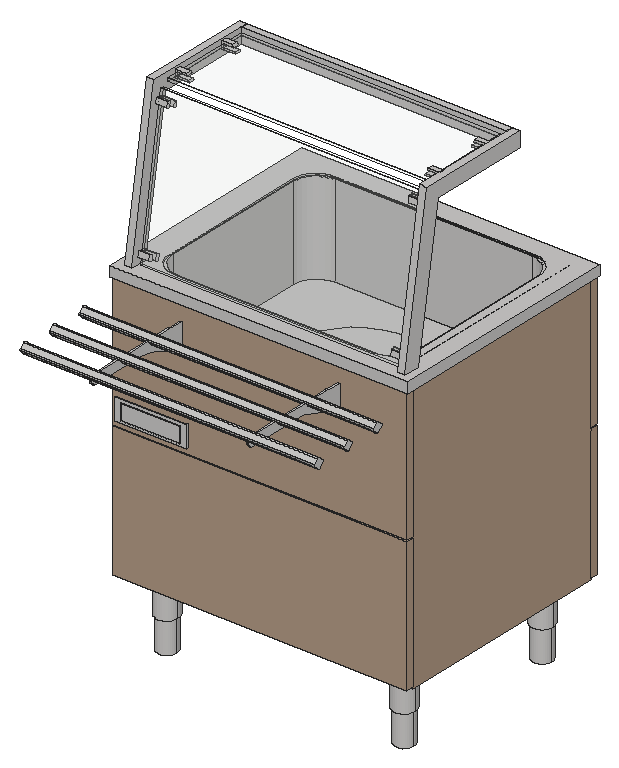
Revit family "QF_ELECTROLUXPROFESSIONAL_322081_F03H2AF01W", category Specialty Equipment, Revit 2018
Family settings
  Round Connector Dimension = Use Diameter
  Part Type = Normal
  Work Plane-Based = No
  Always vertical = Yes
  Cut with Voids When Loaded = No
  Shared = No
  Room Calculation Point = No
Parameters (values of type "Standard")
  Weight = 88.50 kg
  Watts = 0 W
  Volts = 220 V
  URL Manufacturer = "http://professional.electrolux.com"
  URL = "http://professional.electrolux.com"
  Steam Supply Size = 0 mm
  Steam Supply Minimum Pressure = 0.0 Pa
  Steam Supply Maximum Pressure = 0.0 Pa
  Steam Pounds per Hour = 0
  Show Clearance [instance] = yes
  Refrigeration Suction Line Size = 0 mm
  Refrigeration Liquid Line Size = 0 mm
  Refrigerant Compressor Remote = yes
  Manufacturer = "Electrolux Professional"
  Phase = 1
  Model = "F03H2AF01W"
  Length Actual = 770 mm  # constant formula
  Item Number = "322081"
  Hot Water Size = 0 mm
  Height Actual = 1304 mm  # constant formula
  HP = "0 HP"
  Gas Size = 0 mm
  Gas KW = 0
  Gas Input Pressure = 0 W
  Direct Waste Size = 19.05 mm
  Description = "BAIN-MARIE AIR,VENTILATED, 2GN H=900MM OVERSHELF W/LED LIGHTS"
  Depth Actual = 915 mm  # constant formula
  Cycle = 60 Hz
  Condensate Return Size = 0 mm
  Compressed Air Volume = 0.0 L/s
  Compressed Air Size = 0 mm
  Compressed Air Pressure = 0.0 Pa
  Cold Water Size = 0 mm
  Accessory = yes
Values of the unnamed type that differ from the named types
  Volts = 0 V
  URL Manufacturer = ""
  Item Number = ""
  Cycle = 0 Hz
Reference planes
  plane 1 "Centro (Fronte/Retro)": y = 74.737
  plane 2: z = 0
  plane 3 "BACK": y = 384.737
  plane 4 "FRONT": y = -235.263
  plane 5: z = 900
  plane 6 "RIGHT": x = -129.269
  plane 7 "LEFT": x = -899.269
  plane 8: x = -514.269
  plane 9: y = 664.737
  plane 10: y = -530.02
  plane 11: z = 178
  plane 12: z = 1304
  plane 13: z = 1222
  plane 14: y = 297.737
  plane 15: y = -148.263
  plane 16: x = -821.269
  plane 17: x = -207.269
  plane 18: x = -895.269
  plane 19: y = -231.263
  plane 20: x = -133.269
  plane 21: y = 380.737
  plane 22: z = 874
  plane 23: y = 362.737
  plane 24: y = -213.263
  plane 25: z = 182
  plane 26: z = 527
  plane 27: z = 531
  plane 28: x = -308.269
  plane 29: x = -720.269
  plane 30: x = -877.394
  plane 31: x = -151.144
  plane 32: x = -171.144
  plane 33: x = -857.394
  plane 34: x = -849.269
  plane 35: x = -179.269
  plane 36: y = 130.237
  plane 37: y = 19.237
  plane 38: y = 33.237
  plane 39: y = 116.237
  plane 40: x = -787.269
  plane 41: x = -234.269
Forms (mm)
  Extrusion 1, solid, material "QF_Finishes_Wood"
    sketch origin (0, 0, 0) x (1, 0, 0) y (0, 1, 0)
      loop
        line (-895.269, 362.737) -> (-895.269, -213.263) -> (-133.269, -213.263) -> (-133.269, 362.737) -> (-895.269, 362.737)
    from 178 to 874
  Extrusion 2, solid, material "QF_Finishes_Wood"
    sketch origin (-133.269, 362.737, 0) x (0, -1, 0) y (0, 0, -1)
      loop
        line (576, -182) -> (576, -527) -> (594, -527) -> (594, -182) -> (576, -182)
      loop
        line (576, -531) -> (576, -874) -> (594, -874) -> (594, -531) -> (576, -531)
    from 0 to -762
  Extrusion 3, solid, material "QF_Finishes_Wood"
    sketch origin (-133.269, -213.263, 0) x (0, 1, 0) y (0, 0, 1)
      loop
        line (576, 531) -> (594, 531) -> (594, 874) -> (576, 874) -> (576, 531)
    from 0 to -762
  Extrusion 4, solid, material "QF_Finishes_Stainless Steel"
    sketch origin (0, 0, 0) x (1, 0, 0) y (0, 1, 0)
      loop
        line (-899.269, 384.737) -> (-899.269, -235.263) -> (-129.269, -235.263) -> (-129.269, 384.737) -> (-899.269, 384.737)
    from 874 to 900
  Extrusion 5, solid, material "QF_Finishes_Stainless Steel"
    sketch origin (-313.269, 362.737, 0) x (0, -1, 0) y (0, 0, -1)
      loop
        arc (628.84, -832.7) -> (632.082, -833.911) -> (635.519, -834.32) r 14.5
        line (635.519, -834.32) -> (675.715, -834.32) -> (689.858, -820.177) -> (704, -834.32) -> (770.715, -834.32) -> (784.858, -820.177) -> (799, -834.32) -> (865.716, -834.32) -> (879.858, -820.177) -> (887.686, -828.005) -> (887.686, -821.352)
        arc (887.686, -821.352) -> (887.303, -819.435) -> (886.214, -817.81) r 4.999
        line (886.214, -817.81) -> (881.179, -812.776)
        arc (881.179, -812.776) -> (879.559, -811.698) -> (877.651, -811.32) r 5
        line (877.651, -811.32) -> (732.206, -811.32)
        arc (732.206, -811.32) -> (708.662, -809.221) -> (685.86, -802.991) r 133.106
        line (685.86, -802.991) -> (638.285, -785.32) -> (597.679, -770.12) -> (594, -770.12) -> (594, -832.7) -> (628.84, -832.7)
    from 0 to 5
  Extrusion 6, void
    sketch origin (0, 0, 0) x (1, 0, 0) y (0, 1, 0)
      loop
        line (-834.269, 273.737) -> (-834.269, -124.263)
        arc (-834.269, -124.263) -> (-816.402, -167.396) -> (-773.269, -185.263) r 61
        line (-773.269, -185.263) -> (-255.269, -185.263)
        arc (-255.269, -185.263) -> (-212.135, -167.396) -> (-194.269, -124.263) r 61
        line (-194.269, -124.263) -> (-194.269, 273.737)
        arc (-194.269, 273.737) -> (-212.135, 316.871) -> (-255.269, 334.737) r 61
        line (-255.269, 334.737) -> (-773.269, 334.737)
        arc (-773.269, 334.737) -> (-816.402, 316.871) -> (-834.269, 273.737) r 61
    from 608.426 to 900
  Extrusion 7, solid, material "QF_Finishes_Wood"
    sketch origin (419.731, -213.263, -348) x (0, 1, 0) y (0, 0, 1)
      loop
        line (576, 530) -> (594, 530) -> (594, 875) -> (576, 875) -> (576, 530)
    from -553 to -658.044
  Extrusion 8, solid, material "QF_Finishes_Wood"
    sketch origin (-234.269, -213.263, -348) x (0, 1, 0) y (0, 0, 1)
      loop
        line (576, 530) -> (594, 530) -> (594, 875) -> (576, 875) -> (576, 530)
    from -548.963 to -661
  Extrusion 9, solid, material "QF_Door-Drawer Clearances", visible <- "Show Clearance"
    sketch origin (0, -4, 0) x (1, 0, 0) y (0, 1, 0)
      loop
        line (-783.232, 384.737) -> (-238.312, 384.737) -> (-710.987, 657.636)
        arc (-710.987, 657.636) -> (-765.12, 525.955) -> (-783.232, 384.737) r 544.001
    from 182 to 527
  Extrusion 10, solid, material "QF_Finishes_Stainless Steel"
    sketch origin (-720.269, 362.737, 0) x (0, -1, 0) y (0, 0, -1)
      loop
        arc (628.84, -832.7) -> (632.082, -833.911) -> (635.519, -834.32) r 14.5
        line (635.519, -834.32) -> (675.715, -834.32) -> (689.858, -820.177) -> (704, -834.32) -> (770.715, -834.32) -> (784.858, -820.177) -> (799, -834.32) -> (865.716, -834.32) -> (879.858, -820.177) -> (887.686, -828.005) -> (887.686, -821.352)
        arc (887.686, -821.352) -> (887.303, -819.435) -> (886.214, -817.81) r 4.999
        line (886.214, -817.81) -> (881.179, -812.776)
        arc (881.179, -812.776) -> (879.559, -811.698) -> (877.651, -811.32) r 5
        line (877.651, -811.32) -> (732.206, -811.32)
        arc (732.206, -811.32) -> (708.662, -809.221) -> (685.86, -802.991) r 133.106
        line (685.86, -802.991) -> (638.285, -785.32) -> (597.679, -770.12) -> (594, -770.12) -> (594, -832.7) -> (628.84, -832.7)
    from 0 to 5
  Extrusion 11, solid, material "QF_Finishes_Stainless Steel"
    sketch origin (-133.269, 362.737, 0) x (0, -1, 0) y (0, 0, -1)
      loop
        line (881.983, -846.337) -> (891.875, -836.445)
        arc (891.875, -836.445) -> (892.757, -834.322) -> (891.879, -832.198) r 3
        line (891.879, -832.198) -> (881.979, -822.299)
        arc (881.979, -822.299) -> (879.858, -821.42) -> (877.737, -822.299) r 3
        line (877.737, -822.299) -> (867.837, -832.198)
        arc (867.837, -832.198) -> (866.958, -834.32) -> (867.837, -836.441) r 3
        line (867.837, -836.441) -> (877.737, -846.34)
        arc (877.737, -846.34) -> (879.86, -847.219) -> (881.983, -846.337) r 3
      loop
        line (786.979, -846.34) -> (796.879, -836.441)
        arc (796.879, -836.441) -> (797.757, -834.32) -> (796.879, -832.198) r 3
        line (796.879, -832.198) -> (786.979, -822.299)
        arc (786.979, -822.299) -> (784.858, -821.42) -> (782.737, -822.299) r 3
        line (782.737, -822.299) -> (772.837, -832.198)
        arc (772.837, -832.198) -> (771.958, -834.317) -> (772.833, -836.437) r 3
        line (772.833, -836.437) -> (782.741, -846.345)
        arc (782.741, -846.345) -> (784.861, -847.219) -> (786.979, -846.34) r 3
      loop
        line (691.976, -846.343) -> (701.882, -836.438)
        arc (701.882, -836.438) -> (702.757, -834.318) -> (701.879, -832.198) r 3
        line (701.879, -832.198) -> (691.979, -822.299)
        arc (691.979, -822.299) -> (689.858, -821.42) -> (687.737, -822.299) r 3
        line (687.737, -822.299) -> (677.837, -832.198)
        arc (677.837, -832.198) -> (676.958, -834.32) -> (677.837, -836.441) r 3
        line (677.837, -836.441) -> (687.737, -846.34)
        arc (687.737, -846.34) -> (689.856, -847.219) -> (691.976, -846.343) r 3
    from 0 to -762
  Extrusion 12, solid, material "QF_Finishes_Stainless Steel"
    sketch origin (-133.269, 362.737, 0) x (0, -1, 0) y (0, 0, -1)
      loop
        line (206.477, -1264.379) -> (206.477, -1304) -> (507.108, -1304) -> (578.344, -900) -> (537.727, -900) -> (473.477, -1264.379) -> (206.477, -1264.379)
    from -17.875 to -37.875
  Extrusion 13, solid, material "QF_Finishes_Stainless Steel"
    sketch origin (-895.269, 362.737, 0) x (0, -1, 0) y (0, 0, 1)
      loop
        line (206.477, 1264.379) -> (473.477, 1264.379) -> (537.727, 900) -> (578.344, 900) -> (507.108, 1304) -> (206.477, 1304) -> (206.477, 1264.379)
    from -17.875 to -37.875
  Extrusion 14, solid, material "QF_Finishes_Glass"
    sketch origin (-133.269, -231.263, 531) x (0, 0, 1) y (-1, 0, 0)
      loop
        line (757.879, 46) -> (765.879, 46) -> (765.879, 716) -> (757.879, 716) -> (757.879, 46)
    from -361.5 to -120.204
  Extrusion 15, solid, material "QF_Finishes_Stainless Steel"
    sketch origin (0, 0, 0) x (1, 0, 0) y (0, 1, 0)
      loop
        line (-857.394, 156.26) -> (-857.394, 136.26) -> (-171.144, 136.26) -> (-171.144, 156.26) -> (-857.394, 156.26)
    from 1264.379 to 1304
  Extrusion 16, solid, material "QF_Finishes_Glass"
    sketch origin (-133.269, 362.737, 0) x (0, -1, 0) y (0, 0, -1)
      loop
        line (494.569, -1282.974) -> (562.097, -900) -> (553.974, -900) -> (486.445, -1282.974) -> (494.569, -1282.974)
    from -46 to -716
  Extrusion 17, solid, material "QF_Finishes_Stainless Steel"
    sketch origin (-133.269, -64.263, 531) x (0, 0, 1) y (-1, 0, 0)
      loop
        line (765.879, 691.5) -> (770.879, 693.5) -> (770.879, 724.125) -> (750.879, 724.125) -> (750.879, 716) -> (751.974, 716) -> (751.974, 685.938) -> (755.879, 687.5) -> (755.879, 717) -> (765.879, 717) -> (765.879, 691.5)
    from 0 to 14
  Extrusion 18, solid, material "QF_Finishes_Stainless Steel"
    sketch origin (-133.269, 85.737, 531) x (0, 0, 1) y (-1, 0, 0)
      loop
        line (765.879, 691.5) -> (770.879, 693.5) -> (770.879, 724.125) -> (750.879, 724.125) -> (750.879, 716) -> (751.974, 716) -> (751.974, 685.938) -> (755.879, 687.5) -> (755.879, 717) -> (765.879, 717) -> (765.879, 691.5)
    from 0 to 14
  Extrusion 19, solid, material "QF_Finishes_Stainless Steel"
    sketch origin (-895.269, -64.263, 531) x (0, 0, 1) y (-1, 0, 0)
      loop
        line (765.879, -691.5) -> (765.879, -717) -> (755.879, -717) -> (755.879, -687.5) -> (751.974, -685.938) -> (751.974, -716) -> (750.879, -716) -> (750.879, -724.125) -> (770.879, -724.125) -> (770.879, -693.5) -> (765.879, -691.5)
    from 0 to 14
  Extrusion 20, solid, material "QF_Finishes_Stainless Steel"
    sketch origin (-895.269, 85.737, 531) x (0, 0, 1) y (-1, 0, 0)
      loop
        line (765.879, -691.5) -> (765.879, -717) -> (755.879, -717) -> (755.879, -687.5) -> (751.974, -685.938) -> (751.974, -716) -> (750.879, -716) -> (750.879, -724.125) -> (770.879, -724.125) -> (770.879, -693.5) -> (765.879, -691.5)
    from 0 to 14
  Extrusion 21, solid, material "QF_Finishes_Stainless Steel"
    sketch origin (-895.269, 619.458, 1129.907) x (0, -0.984808, 0.173648) y (-1, 0, 0)
      loop
        line (765.879, -691.5) -> (765.879, -717) -> (755.879, -717) -> (755.879, -687.5) -> (751.974, -685.938) -> (751.974, -716) -> (750.879, -716) -> (750.879, -724.125) -> (770.879, -724.125) -> (770.879, -693.5) -> (765.879, -691.5)
    from 0 to 14
  Extrusion 22, solid, material "QF_Finishes_Stainless Steel"
    sketch origin (-133.269, 619.458, 1129.907) x (0, -0.984808, 0.173648) y (-1, 0, 0)
      loop
        line (765.879, 691.5) -> (770.879, 693.5) -> (770.879, 724.125) -> (750.879, 724.125) -> (750.879, 716) -> (751.974, 716) -> (751.974, 685.938) -> (755.879, 687.5) -> (755.879, 717) -> (765.879, 717) -> (765.879, 691.5)
    from 0 to 14
  Extrusion 23, solid, material "QF_Finishes_Stainless Steel"
    sketch origin (-895.269, 562.154, 799.389) x (0, -0.984808, 0.173648) y (-1, 0, 0)
      loop
        line (765.879, -691.5) -> (765.879, -717) -> (755.879, -717) -> (755.879, -687.5) -> (751.974, -685.938) -> (751.974, -716) -> (750.879, -716) -> (750.879, -724.125) -> (770.879, -724.125) -> (770.879, -693.5) -> (765.879, -691.5)
    from 0 to 14
  Extrusion 24, solid, material "QF_Finishes_Stainless Steel"
    sketch origin (-133.269, 562.154, 799.389) x (0, -0.984808, 0.173648) y (-1, 0, 0)
      loop
        line (765.879, 691.5) -> (770.879, 693.5) -> (770.879, 724.125) -> (750.879, 724.125) -> (750.879, 716) -> (751.974, 716) -> (751.974, 685.938) -> (755.879, 687.5) -> (755.879, 717) -> (765.879, 717) -> (765.879, 691.5)
    from 0 to 14
  Extrusion 25, solid, material "QF_Finishes_Wood"
    sketch origin (314.688, -213.263, -348) x (0, 1, 0) y (0, 0, 1)
      loop
        line (576, 530) -> (594, 530) -> (594, 875) -> (576, 875) -> (576, 530)
    from -553 to -1097.92
  Extrusion 26, solid, material "QF_Finishes_Stainless Steel"
    sketch origin (-1028.537, 3.4, 0) x (-1, 0, 0) y (0, -1, 0)
      loop
        circle (-196.269, -121.337) r 10
    from 178 to 166
  Extrusion 27, solid, material "QF_Finishes_Stainless Steel"
    sketch origin (-1028.537, 146.074, 0) x (-1, 0, 0) y (0, -1, 0)
      loop
        circle (-196.269, 121.337) r 10
    from 178 to 166
Cuts and joins
  Extrusion 6 cuts Extrusion 1
  Extrusion 6 cuts Extrusion 4
Lines and regions (mm)
  symbolic lines
    curve 1: line (-129.269, 384.737, 0) -> (-129.269, -235.263, 0)
    curve 2: line (-899.269, -235.263, 0) -> (-899.269, 384.737, 0)
    curve 3: line (-899.269, 384.737, 0) -> (-129.269, 384.737, 0)
    curve 4: line (-899.269, -235.263, 0) -> (-129.269, -235.263, 0)
    curve 5: line (-179.269, -64.263, 0) -> (-179.269, 71.737, 0)
    curve 6: line (-849.269, 71.737, 0) -> (-849.269, -64.263, 0)
    curve 7: line (-877.394, 156.26, 0) -> (-151.144, 156.26, 0)
    curve 8: line (-151.144, 156.26, 0) -> (-151.144, -215.607, 0)
    curve 9: line (-151.144, -215.607, 0) -> (-171.144, -215.607, 0)
    curve 10: line (-171.144, -215.607, 0) -> (-171.144, 156.26, 0)
    curve 11: line (-171.144, 136.26, 0) -> (-857.394, 136.26, 0)
    curve 12: line (-857.394, 156.26, 0) -> (-857.394, -215.607, 0)
    curve 13: line (-857.394, -215.607, 0) -> (-877.394, -215.607, 0)
    curve 14: line (-877.394, -215.607, 0) -> (-877.394, 156.26, 0)
    curve 15: line (-877.394, -144.371, 0) -> (-857.394, -144.371, 0)
    curve 16: line (-171.144, -144.371, 0) -> (-151.144, -144.371, 0)
    curve 17: line (-849.269, 130.237, 0) -> (-849.269, 85.737, 0)
    curve 18: line (-849.269, 130.237, 0) -> (-179.269, 130.237, 0)
    curve 19: line (-179.269, 130.237, 0) -> (-179.269, 85.737, 0)
    curve 20: line (-179.269, -78.263, 0) -> (-179.269, -111.059, 0)
    curve 21: line (-171.144, 85.737, 0) -> (-203.769, 85.737, 0)
    curve 22: line (-203.769, 85.737, 0) -> (-203.769, 71.737, 0)
    curve 23: line (-203.769, 71.737, 0) -> (-171.144, 71.737, 0)
    curve 24: line (-171.144, -64.263, 0) -> (-203.769, -64.263, 0)
    curve 25: line (-203.769, -64.263, 0) -> (-203.769, -78.263, 0)
    curve 26: line (-203.769, -78.263, 0) -> (-171.144, -78.263, 0)
    curve 27: line (-857.394, -64.263, 0) -> (-824.769, -64.263, 0)
    curve 28: line (-824.769, -64.263, 0) -> (-824.769, -78.263, 0)
    curve 29: line (-824.769, -78.263, 0) -> (-857.394, -78.263, 0)
    curve 30: line (-857.394, 85.737, 0) -> (-824.769, 85.737, 0)
    curve 31: line (-824.769, 85.737, 0) -> (-824.769, 71.737, 0)
    curve 32: line (-824.769, 71.737, 0) -> (-857.394, 71.737, 0)
    curve 33: line (-857.394, -142.14, 0) -> (-826.769, -142.14, 0)
    curve 34: line (-826.769, -142.14, 0) -> (-826.769, -139.709, 0)
    curve 35: line (-826.769, -139.709, 0) -> (-857.394, -139.709, 0)
    curve 36: line (-826.769, -142.14, 0) -> (-824.769, -137.216, 0)
    curve 37: line (-850.269, -134.785, 0) -> (-824.769, -134.785, 0)
    curve 38: line (-850.269, -134.785, 0) -> (-850.269, -124.937, 0)
    curve 39: line (-850.269, -124.937, 0) -> (-849.269, -124.937, 0)
    curve 40: line (-850.269, -127.368, 0) -> (-849.269, -127.368, 0)
    curve 41: line (-857.394, -120.013, 0) -> (-849.269, -120.013, 0)
    curve 42: line (-849.269, -120.013, 0) -> (-849.269, -121.091, 0)
    curve 43: line (-849.269, -121.091, 0) -> (-819.207, -121.091, 0)
    curve 44: line (-819.207, -121.091, 0) -> (-819.207, -123.708, 0)
    curve 45: line (-819.207, -121.091, 0) -> (-820.269, -123.708, 0)
    curve 46: line (-826.769, -139.709, 0) -> (-824.769, -134.785, 0)
    curve 47: line (-824.769, -134.785, 0) -> (-824.769, -137.216, 0)
    curve 48: line (-849.269, -123.708, 0) -> (-849.269, -134.785, 0)
    curve 49: line (-179.269, -131.831, 0) -> (-179.269, -123.708, 0)
    curve 50: line (-179.269, -123.708, 0) -> (-849.269, -123.708, 0)
    curve 51: line (-171.144, -142.14, 0) -> (-201.769, -142.14, 0)
    curve 52: line (-201.769, -142.14, 0) -> (-201.769, -139.709, 0)
    curve 53: line (-201.769, -139.709, 0) -> (-171.144, -139.709, 0)
    curve 54: line (-201.769, -142.14, 0) -> (-203.769, -137.216, 0)
    curve 55: line (-178.269, -134.785, 0) -> (-203.769, -134.785, 0)
    curve 56: line (-178.269, -134.785, 0) -> (-178.269, -124.937, 0)
    curve 57: line (-178.269, -124.937, 0) -> (-179.269, -124.937, 0)
    curve 58: line (-178.269, -127.368, 0) -> (-179.269, -127.368, 0)
    curve 59: line (-171.144, -120.013, 0) -> (-179.269, -120.013, 0)
    curve 60: line (-179.269, -120.013, 0) -> (-179.269, -121.091, 0)
    curve 61: line (-179.269, -121.091, 0) -> (-209.331, -121.091, 0)
    curve 62: line (-209.331, -121.091, 0) -> (-209.331, -123.708, 0)
    curve 63: line (-209.331, -121.091, 0) -> (-208.268, -123.708, 0)
    curve 64: line (-201.769, -139.709, 0) -> (-203.769, -134.785, 0)
    curve 65: line (-203.769, -134.785, 0) -> (-203.769, -137.216, 0)
    curve 66: line (-179.269, -123.708, 0) -> (-179.269, -134.785, 0)
    curve 67: line (-849.269, -142.14, 0) -> (-849.269, -192.089, 0)
    curve 68: line (-849.269, -177.317, 0) -> (-857.394, -177.317, 0)
    curve 69: line (-849.269, -182.241, 0) -> (-850.269, -182.241, 0)
    curve 70: line (-850.269, -184.672, 0) -> (-849.269, -184.672, 0)
    curve 71: line (-850.269, -182.241, 0) -> (-850.269, -192.089, 0)
    curve 72: line (-850.269, -192.089, 0) -> (-824.779, -192.089, 0)
    curve 73: line (-826.769, -197.013, 0) -> (-824.779, -192.089, 0)
    curve 74: line (-824.779, -192.089, 0) -> (-824.779, -194.52, 0)
    curve 75: line (-826.769, -199.444, 0) -> (-824.779, -194.52, 0)
    curve 76: line (-826.769, -197.013, 0) -> (-826.769, -199.444, 0)
    curve 77: line (-857.394, -199.444, 0) -> (-826.769, -199.444, 0)
    curve 78: line (-826.769, -197.013, 0) -> (-857.394, -197.013, 0)
    curve 79: line (-179.269, -177.317, 0) -> (-171.144, -177.317, 0)
    curve 80: line (-179.269, -182.241, 0) -> (-178.269, -182.241, 0)
    curve 81: line (-178.269, -184.672, 0) -> (-179.269, -184.672, 0)
    curve 82: line (-178.269, -182.241, 0) -> (-178.269, -192.089, 0)
    curve 83: line (-178.269, -192.089, 0) -> (-203.758, -192.089, 0)
    curve 84: line (-201.769, -197.013, 0) -> (-203.758, -192.089, 0)
    curve 85: line (-203.758, -192.089, 0) -> (-203.758, -194.52, 0)
    curve 86: line (-201.769, -199.444, 0) -> (-203.758, -194.52, 0)
    curve 87: line (-201.769, -197.013, 0) -> (-201.769, -199.444, 0)
    curve 88: line (-171.144, -199.444, 0) -> (-201.769, -199.444, 0)
    curve 89: line (-201.769, -197.013, 0) -> (-171.144, -197.013, 0)
    curve 90: line (-826.735, -199.36, 0) -> (-201.803, -199.36, 0)
    curve 91: line (-849.269, -78.263, 0) -> (-849.269, -111.059, 0)
    curve 92: line (-849.269, -111.059, 0) -> (-179.269, -111.059, 0)
    curve 93: line (-849.269, -131.831, 0) -> (-179.269, -131.831, 0)
    curve 94: line (-179.269, -142.14, 0) -> (-179.269, -192.089, 0)
    curve 98: arc (-517.269, 74.737, 900) -> (-514.269, 71.737, 900) -> (-511.269, 74.737, 900) r 3
    curve 99: arc (-511.269, 74.737, 900) -> (-514.269, 77.737, 900) -> (-517.269, 74.737, 900) r 3
    curve 100: arc (-517.269, 54.737, 900) -> (-514.269, 51.737, 900) -> (-511.269, 54.737, 900) r 3
    curve 101: arc (-511.269, 54.737, 900) -> (-514.269, 57.737, 900) -> (-517.269, 54.737, 900) r 3
    curve 102: arc (-517.269, 34.737, 900) -> (-514.269, 31.737, 900) -> (-511.269, 34.737, 900) r 3
    curve 103: arc (-511.269, 34.737, 900) -> (-514.269, 37.737, 900) -> (-517.269, 34.737, 900) r 3
    curve 104: arc (-517.269, 14.737, 900) -> (-514.269, 11.737, 900) -> (-511.269, 14.737, 900) r 3
    curve 105: arc (-511.269, 14.737, 900) -> (-514.269, 17.737, 900) -> (-517.269, 14.737, 900) r 3
    curve 106: arc (-503.14, 15.416, 900) -> (-500.14, 12.416, 900) -> (-497.14, 15.416, 900) r 3
    curve 107: arc (-497.14, 15.416, 900) -> (-500.14, 18.416, 900) -> (-503.14, 15.416, 900) r 3
    curve 108: arc (-506.848, 34.792, 900) -> (-503.848, 31.792, 900) -> (-500.848, 34.792, 900) r 3
    curve 109: arc (-500.848, 34.792, 900) -> (-503.848, 37.792, 900) -> (-506.848, 34.792, 900) r 3
    curve 110: arc (-503.615, 56.259, 900) -> (-506.615, 59.259, 900) -> (-509.615, 56.259, 900) r 3
    curve 111: arc (-509.615, 56.259, 900) -> (-506.615, 53.259, 900) -> (-503.615, 56.259, 900) r 3
    curve 112: arc (-497.127, 60.595, 900) -> (-500.127, 63.595, 900) -> (-503.127, 60.595, 900) r 3
    curve 113: arc (-503.127, 60.595, 900) -> (-500.127, 57.595, 900) -> (-497.127, 60.595, 900) r 3
    curve 114: arc (-482.984, 46.453, 900) -> (-485.984, 49.453, 900) -> (-488.984, 46.453, 900) r 3
    curve 115: arc (-488.984, 46.453, 900) -> (-485.984, 43.453, 900) -> (-482.984, 46.453, 900) r 3
    curve 116: arc (-491.18, 38.203, 900) -> (-494.18, 41.203, 900) -> (-497.18, 38.203, 900) r 3
    curve 117: arc (-497.18, 38.203, 900) -> (-494.18, 35.203, 900) -> (-491.18, 38.203, 900) r 3
    curve 118: arc (-483.385, 19.785, 900) -> (-486.385, 22.785, 900) -> (-489.385, 19.785, 900) r 3
    curve 119: arc (-489.385, 19.785, 900) -> (-486.385, 16.785, 900) -> (-483.385, 19.785, 900) r 3
    curve 120: arc (-457.948, 60.608, 900) -> (-454.948, 57.608, 900) -> (-451.948, 60.608, 900) r 3
    curve 121: arc (-451.948, 60.608, 900) -> (-454.948, 63.608, 900) -> (-457.948, 60.608, 900) r 3
    curve 122: arc (-456.316, 46.854, 900) -> (-459.316, 49.854, 900) -> (-462.316, 46.854, 900) r 3
    curve 123: arc (-462.316, 46.854, 900) -> (-459.316, 43.854, 900) -> (-456.316, 46.854, 900) r 3
    curve 124: arc (-463.816, 36.943, 900) -> (-466.816, 39.943, 900) -> (-469.816, 36.943, 900) r 3
    curve 125: arc (-469.816, 36.943, 900) -> (-466.816, 33.943, 900) -> (-463.816, 36.943, 900) r 3
    curve 126: arc (-472.984, 29.132, 900) -> (-475.984, 32.132, 900) -> (-478.984, 29.132, 900) r 3
    curve 127: arc (-478.984, 29.132, 900) -> (-475.984, 26.132, 900) -> (-472.984, 29.132, 900) r 3
    curve 128: arc (-471.323, 64.317, 900) -> (-474.323, 67.317, 900) -> (-477.323, 64.317, 900) r 3
    curve 129: arc (-477.323, 64.317, 900) -> (-474.323, 61.317, 900) -> (-471.323, 64.317, 900) r 3
    curve 130: arc (-474.734, 54.649, 900) -> (-477.734, 57.649, 900) -> (-480.734, 54.649, 900) r 3
    curve 131: arc (-480.734, 54.649, 900) -> (-477.734, 51.649, 900) -> (-474.734, 54.649, 900) r 3
    curve 132: arc (-498.791, 67.083, 900) -> (-495.791, 64.083, 900) -> (-492.791, 67.083, 900) r 3
    curve 133: arc (-492.791, 67.083, 900) -> (-495.791, 70.083, 900) -> (-498.791, 67.083, 900) r 3
    curve 134: arc (-491.269, 74.737, 900) -> (-494.269, 77.737, 900) -> (-497.269, 74.737, 900) r 3
    curve 135: arc (-497.269, 74.737, 900) -> (-494.269, 71.737, 900) -> (-491.269, 74.737, 900) r 3
    curve 136: arc (-471.269, 74.737, 900) -> (-474.269, 77.737, 900) -> (-477.269, 74.737, 900) r 3
    curve 137: arc (-477.269, 74.737, 900) -> (-474.269, 71.737, 900) -> (-471.269, 74.737, 900) r 3
    curve 138: arc (-451.269, 74.737, 900) -> (-454.269, 77.737, 900) -> (-457.269, 74.737, 900) r 3
    curve 139: arc (-457.269, 74.737, 900) -> (-454.269, 71.737, 900) -> (-451.269, 74.737, 900) r 3
    curve 140: arc (-503.14, 134.058, 900) -> (-500.14, 137.058, 900) -> (-497.14, 134.058, 900) r 3
    curve 141: arc (-497.14, 134.058, 900) -> (-500.14, 131.058, 900) -> (-503.14, 134.058, 900) r 3
    curve 142: arc (-506.848, 114.682, 900) -> (-503.848, 117.682, 900) -> (-500.848, 114.682, 900) r 3
    curve 143: arc (-500.848, 114.682, 900) -> (-503.848, 111.682, 900) -> (-506.848, 114.682, 900) r 3
    curve 144: arc (-503.615, 93.215, 900) -> (-506.615, 90.215, 900) -> (-509.615, 93.215, 900) r 3
    curve 145: arc (-509.615, 93.215, 900) -> (-506.615, 96.215, 900) -> (-503.615, 93.215, 900) r 3
    curve 146: arc (-497.127, 88.879, 900) -> (-500.127, 85.879, 900) -> (-503.127, 88.879, 900) r 3
    curve 147: arc (-503.127, 88.879, 900) -> (-500.127, 91.879, 900) -> (-497.127, 88.879, 900) r 3
    curve 148: arc (-482.984, 103.021, 900) -> (-485.984, 100.021, 900) -> (-488.984, 103.021, 900) r 3
    curve 149: arc (-488.984, 103.021, 900) -> (-485.984, 106.021, 900) -> (-482.984, 103.021, 900) r 3
    curve 150: arc (-491.18, 111.271, 900) -> (-494.18, 108.271, 900) -> (-497.18, 111.271, 900) r 3
    curve 151: arc (-497.18, 111.271, 900) -> (-494.18, 114.271, 900) -> (-491.18, 111.271, 900) r 3
    curve 152: arc (-483.385, 129.69, 900) -> (-486.385, 126.69, 900) -> (-489.385, 129.69, 900) r 3
    curve 153: arc (-489.385, 129.69, 900) -> (-486.385, 132.69, 900) -> (-483.385, 129.69, 900) r 3
    curve 154: arc (-457.948, 88.866, 900) -> (-454.948, 91.866, 900) -> (-451.948, 88.866, 900) r 3
    curve 155: arc (-451.948, 88.866, 900) -> (-454.948, 85.866, 900) -> (-457.948, 88.866, 900) r 3
    curve 156: arc (-456.316, 102.621, 900) -> (-459.316, 99.621, 900) -> (-462.316, 102.621, 900) r 3
    curve 157: arc (-462.316, 102.621, 900) -> (-459.316, 105.621, 900) -> (-456.316, 102.621, 900) r 3
    curve 158: arc (-463.816, 112.531, 900) -> (-466.816, 109.531, 900) -> (-469.816, 112.531, 900) r 3
    curve 159: arc (-469.816, 112.531, 900) -> (-466.816, 115.531, 900) -> (-463.816, 112.531, 900) r 3
    curve 160: arc (-472.984, 120.342, 900) -> (-475.984, 117.342, 900) -> (-478.984, 120.342, 900) r 3
    curve 161: arc (-478.984, 120.342, 900) -> (-475.984, 123.342, 900) -> (-472.984, 120.342, 900) r 3
    curve 162: arc (-471.323, 85.157, 900) -> (-474.323, 82.157, 900) -> (-477.323, 85.157, 900) r 3
    curve 163: arc (-477.323, 85.157, 900) -> (-474.323, 88.157, 900) -> (-471.323, 85.157, 900) r 3
    curve 164: arc (-474.734, 94.825, 900) -> (-477.734, 91.825, 900) -> (-480.734, 94.825, 900) r 3
    curve 165: arc (-480.734, 94.825, 900) -> (-477.734, 97.825, 900) -> (-474.734, 94.825, 900) r 3
    curve 166: arc (-498.791, 82.391, 900) -> (-495.791, 85.391, 900) -> (-492.791, 82.391, 900) r 3
    curve 167: arc (-492.791, 82.391, 900) -> (-495.791, 79.391, 900) -> (-498.791, 82.391, 900) r 3
    curve 168: arc (-517.269, 94.737, 900) -> (-514.269, 97.737, 900) -> (-511.269, 94.737, 900) r 3
    curve 169: arc (-511.269, 94.737, 900) -> (-514.269, 91.737, 900) -> (-517.269, 94.737, 900) r 3
    curve 170: arc (-517.269, 114.737, 900) -> (-514.269, 117.737, 900) -> (-511.269, 114.737, 900) r 3
    curve 171: arc (-511.269, 114.737, 900) -> (-514.269, 111.737, 900) -> (-517.269, 114.737, 900) r 3
    curve 172: arc (-517.269, 134.737, 900) -> (-514.269, 137.737, 900) -> (-511.269, 134.737, 900) r 3
    curve 173: arc (-511.269, 134.737, 900) -> (-514.269, 131.737, 900) -> (-517.269, 134.737, 900) r 3
    curve 174: arc (-525.398, 15.416, 900) -> (-528.398, 12.416, 900) -> (-531.398, 15.416, 900) r 3
    curve 175: arc (-531.398, 15.416, 900) -> (-528.398, 18.416, 900) -> (-525.398, 15.416, 900) r 3
    curve 176: arc (-521.689, 34.792, 900) -> (-524.689, 31.792, 900) -> (-527.689, 34.792, 900) r 3
    curve 177: arc (-527.689, 34.792, 900) -> (-524.689, 37.792, 900) -> (-521.689, 34.792, 900) r 3
    curve 178: arc (-524.922, 56.259, 900) -> (-521.922, 59.259, 900) -> (-518.922, 56.259, 900) r 3
    curve 179: arc (-518.922, 56.259, 900) -> (-521.922, 53.259, 900) -> (-524.922, 56.259, 900) r 3
    curve 180: arc (-531.411, 60.595, 900) -> (-528.411, 63.595, 900) -> (-525.411, 60.595, 900) r 3
    curve 181: arc (-525.411, 60.595, 900) -> (-528.411, 57.595, 900) -> (-531.411, 60.595, 900) r 3
    curve 182: arc (-545.553, 46.453, 900) -> (-542.553, 49.453, 900) -> (-539.553, 46.453, 900) r 3
    curve 183: arc (-539.553, 46.453, 900) -> (-542.553, 43.453, 900) -> (-545.553, 46.453, 900) r 3
    curve 184: arc (-537.357, 38.203, 900) -> (-534.357, 41.203, 900) -> (-531.357, 38.203, 900) r 3
    curve 185: arc (-531.357, 38.203, 900) -> (-534.357, 35.203, 900) -> (-537.357, 38.203, 900) r 3
    curve 186: arc (-545.152, 19.785, 900) -> (-542.152, 22.785, 900) -> (-539.152, 19.785, 900) r 3
    curve 187: arc (-539.152, 19.785, 900) -> (-542.152, 16.785, 900) -> (-545.152, 19.785, 900) r 3
    curve 188: arc (-570.589, 60.608, 900) -> (-573.589, 57.608, 900) -> (-576.589, 60.608, 900) r 3
    curve 189: arc (-576.589, 60.608, 900) -> (-573.589, 63.608, 900) -> (-570.589, 60.608, 900) r 3
    curve 190: arc (-572.221, 46.854, 900) -> (-569.221, 49.854, 900) -> (-566.221, 46.854, 900) r 3
    curve 191: arc (-566.221, 46.854, 900) -> (-569.221, 43.854, 900) -> (-572.221, 46.854, 900) r 3
    curve 192: arc (-564.721, 36.943, 900) -> (-561.721, 39.943, 900) -> (-558.721, 36.943, 900) r 3
    curve 193: arc (-558.721, 36.943, 900) -> (-561.721, 33.943, 900) -> (-564.721, 36.943, 900) r 3
    curve 194: arc (-555.553, 29.132, 900) -> (-552.553, 32.132, 900) -> (-549.553, 29.132, 900) r 3
    curve 195: arc (-549.553, 29.132, 900) -> (-552.553, 26.132, 900) -> (-555.553, 29.132, 900) r 3
    curve 196: arc (-557.214, 64.317, 900) -> (-554.214, 67.317, 900) -> (-551.214, 64.317, 900) r 3
    curve 197: arc (-551.214, 64.317, 900) -> (-554.214, 61.317, 900) -> (-557.214, 64.317, 900) r 3
    curve 198: arc (-553.803, 54.649, 900) -> (-550.803, 57.649, 900) -> (-547.803, 54.649, 900) r 3
    curve 199: arc (-547.803, 54.649, 900) -> (-550.803, 51.649, 900) -> (-553.803, 54.649, 900) r 3
    curve 200: arc (-529.746, 67.083, 900) -> (-532.746, 64.083, 900) -> (-535.746, 67.083, 900) r 3
    curve 201: arc (-535.746, 67.083, 900) -> (-532.746, 70.083, 900) -> (-529.746, 67.083, 900) r 3
    curve 202: arc (-537.269, 74.737, 900) -> (-534.269, 77.737, 900) -> (-531.269, 74.737, 900) r 3
    curve 203: arc (-531.269, 74.737, 900) -> (-534.269, 71.737, 900) -> (-537.269, 74.737, 900) r 3
    curve 204: arc (-557.269, 74.737, 900) -> (-554.269, 77.737, 900) -> (-551.269, 74.737, 900) r 3
    curve 205: arc (-551.269, 74.737, 900) -> (-554.269, 71.737, 900) -> (-557.269, 74.737, 900) r 3
    curve 206: arc (-577.269, 74.737, 900) -> (-574.269, 77.737, 900) -> (-571.269, 74.737, 900) r 3
    curve 207: arc (-571.269, 74.737, 900) -> (-574.269, 71.737, 900) -> (-577.269, 74.737, 900) r 3
    curve 208: arc (-525.398, 134.058, 900) -> (-528.398, 137.058, 900) -> (-531.398, 134.058, 900) r 3
    curve 209: arc (-531.398, 134.058, 900) -> (-528.398, 131.058, 900) -> (-525.398, 134.058, 900) r 3
    curve 210: arc (-521.689, 114.682, 900) -> (-524.689, 117.682, 900) -> (-527.689, 114.682, 900) r 3
    curve 211: arc (-527.689, 114.682, 900) -> (-524.689, 111.682, 900) -> (-521.689, 114.682, 900) r 3
    curve 212: arc (-524.922, 93.215, 900) -> (-521.922, 90.215, 900) -> (-518.922, 93.215, 900) r 3
    curve 213: arc (-518.922, 93.215, 900) -> (-521.922, 96.215, 900) -> (-524.922, 93.215, 900) r 3
    curve 214: arc (-531.411, 88.879, 900) -> (-528.411, 85.879, 900) -> (-525.411, 88.879, 900) r 3
    curve 215: arc (-525.411, 88.879, 900) -> (-528.411, 91.879, 900) -> (-531.411, 88.879, 900) r 3
    curve 216: arc (-545.553, 103.021, 900) -> (-542.553, 100.021, 900) -> (-539.553, 103.021, 900) r 3
    curve 217: arc (-539.553, 103.021, 900) -> (-542.553, 106.021, 900) -> (-545.553, 103.021, 900) r 3
    curve 218: arc (-537.357, 111.271, 900) -> (-534.357, 108.271, 900) -> (-531.357, 111.271, 900) r 3
    curve 219: arc (-531.357, 111.271, 900) -> (-534.357, 114.271, 900) -> (-537.357, 111.271, 900) r 3
    curve 220: arc (-545.152, 129.69, 900) -> (-542.152, 126.69, 900) -> (-539.152, 129.69, 900) r 3
    curve 221: arc (-539.152, 129.69, 900) -> (-542.152, 132.69, 900) -> (-545.152, 129.69, 900) r 3
    curve 222: arc (-570.589, 88.866, 900) -> (-573.589, 91.866, 900) -> (-576.589, 88.866, 900) r 3
    curve 223: arc (-576.589, 88.866, 900) -> (-573.589, 85.866, 900) -> (-570.589, 88.866, 900) r 3
    curve 224: arc (-572.221, 102.621, 900) -> (-569.221, 99.621, 900) -> (-566.221, 102.621, 900) r 3
    curve 225: arc (-566.221, 102.621, 900) -> (-569.221, 105.621, 900) -> (-572.221, 102.621, 900) r 3
    curve 226: arc (-564.721, 112.531, 900) -> (-561.721, 109.531, 900) -> (-558.721, 112.531, 900) r 3
    curve 227: arc (-558.721, 112.531, 900) -> (-561.721, 115.531, 900) -> (-564.721, 112.531, 900) r 3
    curve 228: arc (-555.553, 120.342, 900) -> (-552.553, 117.342, 900) -> (-549.553, 120.342, 900) r 3
    curve 229: arc (-549.553, 120.342, 900) -> (-552.553, 123.342, 900) -> (-555.553, 120.342, 900) r 3
    curve 230: arc (-557.214, 85.157, 900) -> (-554.214, 82.157, 900) -> (-551.214, 85.157, 900) r 3
    curve 231: arc (-551.214, 85.157, 900) -> (-554.214, 88.157, 900) -> (-557.214, 85.157, 900) r 3
    curve 232: arc (-553.803, 94.825, 900) -> (-550.803, 91.825, 900) -> (-547.803, 94.825, 900) r 3
    curve 233: arc (-547.803, 94.825, 900) -> (-550.803, 97.825, 900) -> (-553.803, 94.825, 900) r 3
    curve 234: arc (-529.746, 82.391, 900) -> (-532.746, 85.391, 900) -> (-535.746, 82.391, 900) r 3
    curve 235: arc (-535.746, 82.391, 900) -> (-532.746, 79.391, 900) -> (-529.746, 82.391, 900) r 3
    curve 247: line (-899.269, -235.263, 0) -> (-899.269, -530.02, 0)
    curve 248: line (-899.269, -530.02, 0) -> (-129.269, -530.02, 0)
    curve 249: line (-129.269, -530.02, 0) -> (-129.269, -235.263, 0)
  symbolic lines, style "QF_Door-Drawer Clearances"
    curve 95: arc (-710.987, 653.636, 0) -> (-764.605, 523.887, 0) -> (-783.232, 384.737, 0) r 544.001
    curve 96: line (-245.24, 384.737, 0) -> (-710.987, 653.636, 0)
    curve 97: line (-285.24, 384.737, 0) -> (-720.987, 636.316, 0)
  symbolic lines, style "SpecialityEquipmentHiddenLines"
    curve 236: arc (-199.269, 268.737, 0) -> (-217.135, 311.871, 0) -> (-260.269, 329.737, 0) r 61
    curve 237: line (-260.269, 329.737, 0) -> (-768.269, 329.737, 0)
    curve 238: arc (-768.269, 329.737, 0) -> (-811.402, 311.871, 0) -> (-829.269, 268.737, 0) r 61
    curve 239: line (-829.269, 268.737, 0) -> (-829.269, -119.263, 0)
    curve 240: arc (-829.269, -119.263, 0) -> (-811.402, -162.396, 0) -> (-768.269, -180.263, 0) r 61
    curve 241: line (-768.269, -180.263, 0) -> (-260.269, -180.263, 0)
    curve 242: arc (-260.269, -180.263, 0) -> (-217.135, -162.396, 0) -> (-199.269, -119.263, 0) r 61
    curve 243: line (-199.269, -119.263, 0) -> (-199.269, 268.737, 0)
    curve 244: arc (-358.769, 74.737, 0) -> (-513.769, 229.737, 0) -> (-668.769, 74.737, 0) r 155
    curve 245: arc (-668.769, 74.737, 0) -> (-513.769, -80.263, 0) -> (-358.769, 74.737, 0) r 155
    curve 246: line (-514.269, 329.737, 0) -> (-514.269, -180.263, 0)
Dimensions and locks
  plane 7 "LEFT" to plane 6 "RIGHT" = 770 mm
  equal spacing: plane 3 "BACK", plane 1 "Centro (Fronte/Retro)", plane 4 "FRONT"
  plane 3 "BACK" to plane 4 "FRONT" = 620 mm
  equal spacing: plane 7 "LEFT", plane 8, plane 6 "RIGHT"
  locked: plane 9 to plane 3 "BACK" at 280
  locked: plane 4 "FRONT" to plane 10 at 294.757
  locked: plane 11 to plane 2 at 178
  locked: plane 5 to plane 2 at 900
  locked: plane 12 to plane 2 at 1304
  locked: plane 13 to plane 2 at 1222
  locked: plane 3 "BACK" to plane 14 at 87
  locked: plane 7 "LEFT" to plane 16 at 78
  locked: plane 17 to plane 6 "RIGHT" at 78
  locked: plane 15 to plane 4 "FRONT" at 87
  locked: plane 3 "BACK" to plane 21 at 4
  locked: plane 7 "LEFT" to plane 18 at 4
  locked: plane 20 to plane 6 "RIGHT" at 4
  locked: plane 19 to plane 4 "FRONT" at 4
  locked: plane 5 to plane 22 at 26
  locked: plane 24 to plane 19 at 18
  locked: plane 21 to plane 23 at 18
  locked: plane 20 to plane 28 at 175
  locked: plane 29 to plane 18 at 175
  equal spacing: plane 30, plane 8, plane 31
  plane 30 to plane 31 = 726.25 mm
  locked: plane 30 to plane 33 at 20
  locked: plane 32 to plane 31 at 20
  equal spacing: plane 34, plane 8, plane 35
  plane 34 to plane 35 = 670 mm
  equal spacing: plane 36, plane 1 "Centro (Fronte/Retro)", plane 37
  plane 36 to plane 37 = 111 mm
  locked: plane 36 to plane 39 at 14
  locked: plane 38 to plane 37 at 14
  locked: plane 41 to plane 6 "RIGHT" at 105
  locked: plane 7 "LEFT" to plane 40 at 112
  plane 16 to plane 7 "LEFT" = 78 mm
  plane 6 "RIGHT" to plane 17 = 78 mm
  angle Extrusion 9 sketch curve to Extrusion 25 = 30.00°
  aligned and locked: level to plane 2
  aligned and locked: Extrusion 1 sketch curve to plane 23
  aligned and locked: plane 18 to Extrusion 1 sketch curve
  aligned and locked: plane 24 to Extrusion 1 sketch curve
  aligned and locked: Extrusion 1 sketch curve to plane 20
  aligned and locked: plane 22 to Extrusion 1
  aligned and locked: Extrusion 1 to plane 11
  aligned and locked: plane 25 to Extrusion 2 sketch curve
  aligned and locked: Extrusion 2 sketch curve to plane 24  (x2)
  aligned and locked: Extrusion 2 sketch curve to plane 26
  aligned and locked: plane 19 to Extrusion 2 sketch curve  (x2)
  aligned and locked: plane 27 to Extrusion 2 sketch curve
  aligned and locked: Extrusion 2 sketch curve to plane 22
  aligned and locked: Extrusion 2 to plane 18
  aligned and locked: Extrusion 3 to plane 18
  aligned and locked: Extrusion 4 sketch curve to plane 3 "BACK"
  aligned and locked: plane 7 "LEFT" to Extrusion 4 sketch curve
  aligned and locked: plane 4 "FRONT" to Extrusion 4 sketch curve
  aligned and locked: Extrusion 4 sketch curve to plane 6 "RIGHT"
  aligned and locked: Extrusion 4 to plane 22
  aligned and locked: plane 20 to Extrusion 7
  aligned and locked: Extrusion 8 to plane 18
  aligned and locked: plane 26 to Extrusion 9
  aligned and locked: Extrusion 7 to plane 25
  aligned and locked: Extrusion 8 to plane 25
  aligned and locked: plane 16 to nested 1
  aligned and locked: plane 17 to nested 2
  aligned and locked: nested 2 to plane 15
  aligned and locked: nested 1 to plane 15
  aligned and locked: nested 3 to plane 14
  aligned and locked: plane 16 to nested 4
  aligned and locked: plane 20 to Extrusion 11
  aligned and locked: Extrusion 11 to plane 18
  aligned and locked: nested 4 to plane 14
  aligned and locked: Extrusion 12 to plane 31
  aligned and locked: Extrusion 12 to plane 32
  aligned and locked: plane 33 to Extrusion 13
  aligned and locked: Extrusion 13 to plane 30
  aligned and locked: Extrusion 15 sketch curve to plane 32
  aligned and locked: plane 33 to Extrusion 15 sketch curve
  aligned and locked: Extrusion 15 to Extrusion 12
  aligned and locked: Extrusion 16 to plane 34
  aligned and locked: plane 35 to Extrusion 16
  aligned and locked: plane 33 to Extrusion 17 sketch curve
  aligned and locked: Extrusion 14 sketch curve to plane 35
  aligned and locked: plane 34 to Extrusion 14 sketch curve
Automatic sketch dimensions
  Extrusion 1 to Extrusion 3 sketch curve = 0 mm
  Extrusion 3 sketch curve to Extrusion 1 = 0 mm
  Extrusion 3 sketch curve to Extrusion 3 sketch curve = 18 mm
  Extrusion 3 sketch curve to Extrusion 3 sketch curve = 343 mm
  Extrusion 5 sketch curve to plane 19 = 0 mm
  plane 4 "FRONT" to Extrusion 5 sketch curve = 0.321 mm
  Extrusion 5 sketch curve to plane 4 "FRONT" = 30.84 mm
  Extrusion 5 sketch curve to Extrusion 5 sketch curve = 6.66 mm
  Extrusion 5 sketch curve to Extrusion 5 sketch curve = 6.678 mm
  Extrusion 5 sketch curve to Extrusion 5 sketch curve = 2.785 mm
  Extrusion 5 sketch curve to Extrusion 5 sketch curve = 40.197 mm
  Extrusion 5 sketch curve to Extrusion 5 sketch curve = 10.145 mm
  Extrusion 5 sketch curve to Extrusion 5 sketch curve = 3.998 mm
  Extrusion 5 sketch curve to plane 22 = 39.68 mm  (x3)
  Extrusion 5 sketch curve to Extrusion 5 sketch curve = 14.142 mm  (x3)
  Extrusion 5 sketch curve to Extrusion 5 sketch curve = 28.206 mm
  Extrusion 5 sketch curve to Extrusion 5 sketch curve = 38.51 mm
  Extrusion 5 sketch curve to Extrusion 5 sketch curve = 14.143 mm
  plane 10 to Extrusion 5 sketch curve = 27.042 mm
  plane 10 to Extrusion 5 sketch curve = 15.107 mm
  Extrusion 5 sketch curve to Extrusion 5 sketch curve = 2.207 mm
  Extrusion 5 sketch curve to Extrusion 5 sketch curve = 3.528 mm  (x2)
  Extrusion 5 sketch curve to Extrusion 5 sketch curve = 2.829 mm
  plane 10 to Extrusion 5 sketch curve = 5.072 mm
  Extrusion 5 sketch curve to Extrusion 5 sketch curve = 1.62 mm
  Extrusion 5 sketch curve to Extrusion 5 sketch curve = 6.314 mm
  Extrusion 5 sketch curve to Extrusion 5 sketch curve = 6.653 mm
  Extrusion 5 sketch curve to Extrusion 5 sketch curve = 1.175 mm
  Extrusion 5 sketch curve to Extrusion 5 sketch curve = 3.858 mm
  Extrusion 5 sketch curve to Extrusion 5 sketch curve = 3.543 mm
  Extrusion 5 sketch curve to Extrusion 5 sketch curve = 23 mm
  Extrusion 5 sketch curve to Extrusion 5 sketch curve = 17.187 mm
  Extrusion 5 sketch curve to Extrusion 5 sketch curve = 34.499 mm
  Extrusion 5 sketch curve to Extrusion 5 sketch curve = 15.2 mm
  Extrusion 5 sketch curve to Extrusion 5 sketch curve = 0 mm
  Extrusion 6 sketch curve to plane 40 = 14 mm  (x2)
  plane 41 to Extrusion 6 sketch curve = 21 mm  (x2)
  plane 17 to Extrusion 6 sketch curve = 13 mm
  plane 24 to Extrusion 6 sketch curve = 28 mm
  plane 15 to Extrusion 6 sketch curve = 24 mm
  Extrusion 6 sketch curve to plane 14 = 24 mm  (x2)
  Extrusion 6 sketch curve to Extrusion 6 sketch curve = 0 mm  (x3)
  Extrusion 7 sketch curve to plane 23 = 0 mm
  Extrusion 7 sketch curve to plane 21 = 0 mm
  Extrusion 7 sketch curve to plane 25 = 0 mm
  Extrusion 7 sketch curve to plane 26 = 0 mm
  Extrusion 8 sketch curve to plane 23 = 0 mm
  Extrusion 8 sketch curve to plane 21 = 0 mm
  Extrusion 8 sketch curve to plane 25 = 0 mm
  Extrusion 8 sketch curve to plane 26 = 0 mm
  Extrusion 9 sketch curve to plane 21 = 0 mm
  Extrusion 9 sketch curve to plane 40 = 4.037 mm
  Extrusion 9 sketch curve to plane 3 "BACK" = 2 mm
  plane 41 to Extrusion 9 sketch curve = 4.966 mm
  Extrusion 9 sketch curve to Extrusion 9 sketch curve = 0.923 mm
  Extrusion 10 sketch curve to plane 19 = 0 mm
  plane 4 "FRONT" to Extrusion 10 sketch curve = 0.321 mm
  Extrusion 10 sketch curve to plane 4 "FRONT" = 30.84 mm
  Extrusion 10 sketch curve to Extrusion 10 sketch curve = 6.66 mm
  Extrusion 10 sketch curve to Extrusion 10 sketch curve = 6.678 mm
  Extrusion 10 sketch curve to Extrusion 10 sketch curve = 2.785 mm
  Extrusion 10 sketch curve to Extrusion 10 sketch curve = 40.197 mm
  Extrusion 10 sketch curve to Extrusion 10 sketch curve = 10.145 mm
  Extrusion 10 sketch curve to Extrusion 10 sketch curve = 3.998 mm
  Extrusion 10 sketch curve to plane 22 = 39.68 mm  (x3)
  Extrusion 10 sketch curve to Extrusion 10 sketch curve = 14.142 mm  (x3)
  Extrusion 10 sketch curve to Extrusion 10 sketch curve = 28.206 mm
  Extrusion 10 sketch curve to Extrusion 10 sketch curve = 38.51 mm
  Extrusion 10 sketch curve to Extrusion 10 sketch curve = 14.143 mm
  plane 10 to Extrusion 10 sketch curve = 27.042 mm
  plane 10 to Extrusion 10 sketch curve = 15.107 mm
  Extrusion 10 sketch curve to Extrusion 10 sketch curve = 2.207 mm
  Extrusion 10 sketch curve to Extrusion 10 sketch curve = 3.528 mm  (x2)
  Extrusion 10 sketch curve to Extrusion 10 sketch curve = 2.829 mm
  plane 10 to Extrusion 10 sketch curve = 5.072 mm
  Extrusion 10 sketch curve to Extrusion 10 sketch curve = 1.62 mm
  Extrusion 10 sketch curve to Extrusion 10 sketch curve = 6.314 mm
  Extrusion 10 sketch curve to Extrusion 10 sketch curve = 6.653 mm
  Extrusion 10 sketch curve to Extrusion 10 sketch curve = 1.175 mm
  Extrusion 10 sketch curve to Extrusion 10 sketch curve = 3.858 mm
  Extrusion 10 sketch curve to Extrusion 10 sketch curve = 3.543 mm
  Extrusion 10 sketch curve to Extrusion 10 sketch curve = 23 mm
  Extrusion 10 sketch curve to Extrusion 10 sketch curve = 17.187 mm
  Extrusion 10 sketch curve to Extrusion 10 sketch curve = 34.499 mm
  Extrusion 10 sketch curve to Extrusion 10 sketch curve = 15.2 mm
  Extrusion 10 sketch curve to Extrusion 10 sketch curve = 0 mm
  Extrusion 1 to Extrusion 11 sketch curve = 39.68 mm
  Extrusion 11 sketch curve to Extrusion 1 = 103.958 mm
  Extrusion 11 sketch curve to Extrusion 11 sketch curve = 9.899 mm  (x7)
  Extrusion 1 to Extrusion 11 sketch curve = 27.657 mm
  Extrusion 11 sketch curve to Extrusion 11 sketch curve = 2.118 mm  (x3)
  Extrusion 1 to Extrusion 11 sketch curve = 37.562 mm
  Extrusion 11 sketch curve to Extrusion 11 sketch curve = 2.124 mm  (x2)
  Extrusion 1 to Extrusion 11 sketch curve = 37.563 mm
  Extrusion 11 sketch curve to Extrusion 11 sketch curve = 70.951 mm
  Extrusion 1 to Extrusion 11 sketch curve = 41.802 mm  (x6)
  Extrusion 11 sketch curve to Extrusion 11 sketch curve = 0.004 mm
  Extrusion 11 sketch curve to Extrusion 11 sketch curve = 2.126 mm
  Extrusion 1 to Extrusion 11 sketch curve = 27.655 mm
  Extrusion 11 sketch curve to Extrusion 11 sketch curve = 9.908 mm
  Extrusion 11 sketch curve to Extrusion 11 sketch curve = 2.117 mm
  Extrusion 11 sketch curve to Extrusion 11 sketch curve = 9.9 mm  (x3)
  Extrusion 1 to Extrusion 11 sketch curve = 27.66 mm  (x3)
  Extrusion 11 sketch curve to Extrusion 11 sketch curve = 2.121 mm  (x16)
  Extrusion 1 to Extrusion 11 sketch curve = 37.559 mm  (x3)
  Extrusion 11 sketch curve to Extrusion 11 sketch curve = 70.958 mm
  Extrusion 11 sketch curve to Extrusion 11 sketch curve = 0 mm  (x12)
  Extrusion 1 to Extrusion 11 sketch curve = 51.701 mm  (x6)
  Extrusion 1 to Extrusion 11 sketch curve = 27.663 mm
  Extrusion 11 sketch curve to Extrusion 11 sketch curve = 2.125 mm
  Extrusion 1 to Extrusion 11 sketch curve = 37.555 mm
  Extrusion 1 to Extrusion 12 sketch curve = 206.477 mm
  Extrusion 1 to Extrusion 12 sketch curve = 102.523 mm
  Extrusion 12 sketch curve to Extrusion 12 sketch curve = 33.631 mm
  Extrusion 1 to Extrusion 12 sketch curve = 38.273 mm
  Extrusion 12 sketch curve to Extrusion 1 = 2.344 mm
  Extrusion 12 sketch curve to Extrusion 1 = 430 mm
  Extrusion 12 sketch curve to Extrusion 12 sketch curve = 39.621 mm
  Extrusion 12 sketch curve to Extrusion 1 = 26 mm
  Extrusion 13 sketch curve to plane 12 = 0 mm
  Extrusion 13 sketch curve to plane 5 = 0 mm
  plane 36 to Extrusion 13 sketch curve = 26.023 mm
  plane 15 to Extrusion 13 sketch curve = 37.523 mm
  plane 15 to Extrusion 13 sketch curve = 3.892 mm
  Extrusion 13 sketch curve to plane 15 = 26.727 mm
  Extrusion 13 sketch curve to plane 24 = 2.344 mm
  Extrusion 13 sketch curve to plane 12 = 39.621 mm
  Extrusion 14 sketch curve to plane 12 = 15.121 mm
  Extrusion 14 sketch curve to plane 12 = 7.121 mm
  plane 36 to Extrusion 15 sketch curve = 6.023 mm
  Extrusion 15 sketch curve to Extrusion 15 sketch curve = 20 mm
  Extrusion 16 sketch curve to plane 5 = 0 mm
  plane 15 to Extrusion 16 sketch curve = 24.555 mm
  Extrusion 16 sketch curve to Extrusion 16 sketch curve = 8.123 mm  (x2)
  plane 24 to Extrusion 16 sketch curve = 22.026 mm
  Extrusion 16 sketch curve to plane 12 = 21.026 mm
  Extrusion 17 sketch curve to plane 34 = 0 mm
  Extrusion 17 sketch curve to plane 12 = 22.121 mm
  Extrusion 17 sketch curve to Extrusion 17 sketch curve = 1.095 mm
  plane 16 to Extrusion 17 sketch curve = 0.5 mm
  Extrusion 17 sketch curve to Extrusion 17 sketch curve = 3.905 mm
  Extrusion 17 sketch curve to plane 34 = 1 mm
  Extrusion 17 sketch curve to plane 12 = 7.121 mm
  Extrusion 17 sketch curve to plane 12 = 2.121 mm
  plane 16 to Extrusion 17 sketch curve = 2.062 mm
  Extrusion 17 sketch curve to plane 16 = 3.5 mm
  Extrusion 17 sketch curve to Extrusion 17 sketch curve = 2 mm
  Extrusion 18 sketch curve to plane 34 = 0 mm
  Extrusion 18 sketch curve to plane 33 = 0 mm
  Extrusion 18 sketch curve to plane 12 = 22.121 mm
  Extrusion 18 sketch curve to Extrusion 18 sketch curve = 1.095 mm
  plane 16 to Extrusion 18 sketch curve = 0.5 mm
  Extrusion 18 sketch curve to Extrusion 18 sketch curve = 3.905 mm
  Extrusion 18 sketch curve to plane 34 = 1 mm
  Extrusion 18 sketch curve to plane 12 = 7.121 mm
  Extrusion 18 sketch curve to plane 12 = 2.121 mm
  plane 16 to Extrusion 18 sketch curve = 2.062 mm
  Extrusion 18 sketch curve to plane 16 = 3.5 mm
  Extrusion 18 sketch curve to Extrusion 18 sketch curve = 2 mm
  Extrusion 19 sketch curve to plane 35 = 0 mm
  Extrusion 19 sketch curve to plane 32 = 0 mm
  Extrusion 19 sketch curve to plane 12 = 22.121 mm
  Extrusion 19 sketch curve to Extrusion 19 sketch curve = 1.095 mm
  Extrusion 19 sketch curve to plane 17 = 0.5 mm
  Extrusion 19 sketch curve to Extrusion 19 sketch curve = 3.905 mm
  plane 35 to Extrusion 19 sketch curve = 1 mm
  Extrusion 19 sketch curve to plane 12 = 7.121 mm
  Extrusion 19 sketch curve to plane 12 = 2.121 mm
  plane 17 to Extrusion 19 sketch curve = 5.5 mm
  plane 17 to Extrusion 19 sketch curve = 3.5 mm
  Extrusion 19 sketch curve to plane 17 = 2.062 mm
  Extrusion 20 sketch curve to plane 35 = 0 mm
  Extrusion 20 sketch curve to plane 32 = 0 mm
  Extrusion 20 sketch curve to plane 12 = 22.121 mm
  Extrusion 20 sketch curve to Extrusion 20 sketch curve = 1.095 mm
  Extrusion 20 sketch curve to plane 17 = 0.5 mm
  Extrusion 20 sketch curve to Extrusion 20 sketch curve = 3.905 mm
  plane 35 to Extrusion 20 sketch curve = 1 mm
  Extrusion 20 sketch curve to plane 12 = 7.121 mm
  Extrusion 20 sketch curve to plane 12 = 2.121 mm
  plane 17 to Extrusion 20 sketch curve = 5.5 mm
  plane 17 to Extrusion 20 sketch curve = 3.5 mm
  Extrusion 20 sketch curve to plane 17 = 2.062 mm
  plane 35 to Extrusion 21 sketch curve = 0 mm
  Extrusion 21 sketch curve to Extrusion 21 sketch curve = 1.095 mm
  Extrusion 21 sketch curve to plane 17 = 0.5 mm
  Extrusion 21 sketch curve to Extrusion 21 sketch curve = 3.905 mm
  plane 35 to Extrusion 21 sketch curve = 1 mm
  Extrusion 21 sketch curve to Extrusion 21 sketch curve = 10 mm
  Extrusion 21 sketch curve to Extrusion 21 sketch curve = 5 mm
  plane 32 to Extrusion 21 sketch curve = 0 mm
  plane 17 to Extrusion 21 sketch curve = 5.5 mm
  plane 17 to Extrusion 21 sketch curve = 3.5 mm
  Extrusion 21 sketch curve to plane 17 = 2.062 mm
  Extrusion 22 sketch curve to plane 34 = 0 mm
  Extrusion 22 sketch curve to Extrusion 22 sketch curve = 1.095 mm
  plane 16 to Extrusion 22 sketch curve = 0.5 mm
  Extrusion 22 sketch curve to Extrusion 22 sketch curve = 3.905 mm
  Extrusion 22 sketch curve to plane 34 = 1 mm
  Extrusion 22 sketch curve to Extrusion 22 sketch curve = 10 mm
  Extrusion 22 sketch curve to Extrusion 22 sketch curve = 5 mm
  plane 16 to Extrusion 22 sketch curve = 2.062 mm
  Extrusion 22 sketch curve to plane 16 = 3.5 mm
  Extrusion 22 sketch curve to Extrusion 22 sketch curve = 2 mm
  Extrusion 22 sketch curve to plane 33 = 0 mm
  plane 35 to Extrusion 23 sketch curve = 0 mm
  Extrusion 23 sketch curve to Extrusion 23 sketch curve = 1.095 mm
  Extrusion 23 sketch curve to plane 17 = 0.5 mm
  Extrusion 23 sketch curve to Extrusion 23 sketch curve = 3.905 mm
  plane 35 to Extrusion 23 sketch curve = 1 mm
  Extrusion 23 sketch curve to Extrusion 23 sketch curve = 10 mm
  Extrusion 23 sketch curve to Extrusion 23 sketch curve = 5 mm
  plane 32 to Extrusion 23 sketch curve = 0 mm
  plane 17 to Extrusion 23 sketch curve = 5.5 mm
  plane 17 to Extrusion 23 sketch curve = 3.5 mm
  Extrusion 23 sketch curve to plane 17 = 2.062 mm
  Extrusion 24 sketch curve to plane 34 = 0 mm
  Extrusion 24 sketch curve to Extrusion 24 sketch curve = 1.095 mm
  plane 16 to Extrusion 24 sketch curve = 0.5 mm
  Extrusion 24 sketch curve to Extrusion 24 sketch curve = 3.905 mm
  Extrusion 24 sketch curve to plane 34 = 1 mm
  Extrusion 24 sketch curve to Extrusion 24 sketch curve = 10 mm
  Extrusion 24 sketch curve to Extrusion 24 sketch curve = 5 mm
  plane 16 to Extrusion 24 sketch curve = 2.062 mm
  Extrusion 24 sketch curve to plane 16 = 3.5 mm
  Extrusion 24 sketch curve to Extrusion 24 sketch curve = 2 mm
  Extrusion 24 sketch curve to plane 33 = 0 mm
  Extrusion 25 sketch curve to plane 23 = 0 mm
  Extrusion 25 sketch curve to plane 21 = 0 mm
  Extrusion 25 sketch curve to plane 25 = 0 mm
  Extrusion 25 sketch curve to plane 26 = 0 mm
  plane 16 to Extrusion 26 sketch curve = 11 mm
  plane 36 to Extrusion 26 sketch curve = 5.5 mm
  Extrusion 27 sketch curve to plane 16 = 11 mm
  plane 37 to Extrusion 27 sketch curve = 5.5 mm
  curve 98 to curve 99 = 0 mm  (x2)
  curve 100 to curve 101 = 0 mm  (x2)
  curve 102 to curve 103 = 0 mm  (x2)
  curve 104 to curve 105 = 0 mm  (x2)
  curve 106 to curve 107 = 0 mm  (x2)
  curve 108 to curve 109 = 0 mm  (x2)
  curve 110 to curve 111 = 0 mm  (x2)
  curve 112 to curve 113 = 0 mm  (x2)
  curve 114 to curve 115 = 0 mm  (x2)
  curve 116 to curve 117 = 0 mm  (x2)
  curve 118 to curve 119 = 0 mm  (x2)
  curve 120 to curve 121 = 0 mm  (x2)
  curve 122 to curve 123 = 0 mm  (x2)
  curve 124 to curve 125 = 0 mm  (x2)
  curve 126 to curve 127 = 0 mm  (x2)
  curve 128 to curve 129 = 0 mm  (x2)
  curve 130 to curve 131 = 0 mm  (x2)
  curve 132 to curve 133 = 0 mm  (x2)
  curve 134 to curve 135 = 0 mm  (x2)
  curve 136 to curve 137 = 0 mm  (x2)
  curve 138 to curve 139 = 0 mm  (x2)
  curve 140 to curve 141 = 0 mm  (x2)
  curve 142 to curve 143 = 0 mm  (x2)
  curve 144 to curve 145 = 0 mm  (x2)
  curve 146 to curve 147 = 0 mm  (x2)
  curve 148 to curve 149 = 0 mm  (x2)
  curve 150 to curve 151 = 0 mm  (x2)
  curve 152 to curve 153 = 0 mm  (x2)
  curve 154 to curve 155 = 0 mm  (x2)
  curve 156 to curve 157 = 0 mm  (x2)
  curve 158 to curve 159 = 0 mm  (x2)
  curve 160 to curve 161 = 0 mm  (x2)
  curve 162 to curve 163 = 0 mm  (x2)
